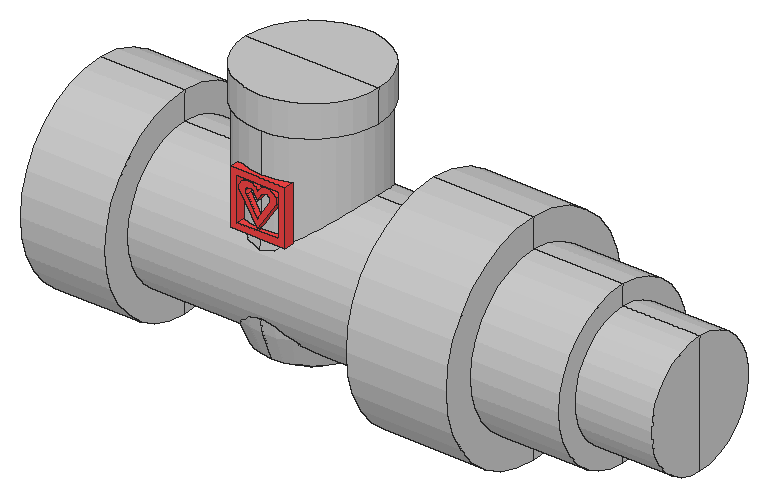
Revit family "Клапан запорный для отключения радиатора HERZ-RL-1, проходной 3723", category Rohrzubehör, Revit 2021
Family settings
  Bemaßung runder Anschluss = Durchmesser verwenden
  Teiletyp = Unterbricht
  OmniClass-Nummer = 23.65.55.14
  OmniClass-Titel = Valves for Liquid Services
  Arbeitsebenenbasiert = Nein
  Immer vertikal = Nein
  Beim Laden mit Abzugskörper schneiden = Nein
  Gemeinsam genutzt = Nein
Parameters
  Среда = "Качество воды в соответствии с ÖNORM H 5195 или директивой VDI 2035."
  Область применения = "Система водяного отопления. С помощью установки радиаторных запорных клапанов возможно осуществить перекрытие обратного потока нагревательных приборов. При одновременном перекрытии с клапаном на подающем трубопроводе возможен демонтаж радиатора в системе, которая находится под давлением. Промывку радиатора или ремонт помещения (оклеивание обоями, облицовку плиткой) можно проводить, не прерывая работу системы. Если требуется предварительная настройка клапанов для отключения радиаторов или заполнение и опорожнение радиаторов или системы при помощи данного клапана, рекомендуется установка клапана HERZ-RL-5."
  Номер заказа [instance] = size_lookup("3723_1_", "Artnr", 0, Nennweite)  # 1372342
  Макс. рабочее давление = 1000000.0 Pa  # constant formula
  Макс. рабочая температура = 120 °C  # constant formula
  Корпус = "Никелированная латунь"  # constant formula
  Исполнение = "Все модели поставляются в никелированном исполнении, это универсальные модели со специальной муфтой для резьбовой трубы и компрессионных фитингов."
  W01 = 60.00°  # constant formula
  Vorgabe-Ansicht = 0.000 mm
  URL = "www.herz-armaturen.ru"
  SCRNSEQ = "ARM;ARM_TYP=\"ALLF\";2"
  SCRNCODE = "05;01;02"  # constant formula
  S04 = 45.000 mm  # constant formula
  S03 = 61.000 mm  # constant formula
  S02 [instance] = L05 + L06 + L07  # 63.900 mm
  S01 = 10.000 mm  # constant formula
  R06 = 11.000 mm  # constant formula
  R05 = 25.000 mm  # constant formula
  R04 = 2.000 mm  # constant formula
  R03 = 28.000 mm  # constant formula
  R02 = 11.500 mm  # constant formula
  R01 = 10.500 mm  # constant formula
  Nennweite [instance] = 20.000 mm
  LO1 = 7.000 mm  # constant formula
  L07 [instance] = size_lookup("3723_1_", "L7", 1.000 mm, Nennweite)  # 27.400 mm
  L06 [instance] = size_lookup("3723_1_", "L6", 1.000 mm, Nennweite)  # 16.500 mm
  L05 [instance] = L02 - L04  # 20.000 mm
  L04 [instance] = size_lookup("3723_1_", "L4", 1.000 mm, Nennweite)  # 10.000 mm
  L03 [instance] = size_lookup("3723_1_", "L3", 1.000 mm, Nennweite)  # 14.000 mm
  L02 [instance] = size_lookup("3723_1_", "L2", 1.000 mm, Nennweite)  # 30.000 mm
  L01 [instance] = size_lookup("3723_1_", "L1", 1.000 mm, Nennweite)  # 35.000 mm
  Hersteller = "HERZ Armaturen Ges.m.b.H."  # constant formula
  H05 = 5.200 mm  # constant formula
  H04 = 3.500 mm  # constant formula
  H03 = 28.000 mm  # constant formula
  H02 [instance] = 25.500 mm  # constant formula
  H01 = 17.000 mm  # constant formula
  GTI [instance] = size_lookup("3723_1_", "GT1", 1.000 mm, Nennweite)  # 12.700 mm
  GT [instance] = size_lookup("3723_1_", "GT", 1.000 mm, Nennweite)  # 9.500 mm
  G2 [instance] = Nennweite / 2  # 10.000 mm
  G1 [instance] = Nennweite / 2  # 10.000 mm
  D05 [instance] = size_lookup("3723_1_", "D5", 1.000 mm, Nennweite)  # 13.220 mm
  D04 [instance] = size_lookup("3723_1_", "D4", 1.000 mm, Nennweite)  # 18.000 mm
  D03 [instance] = size_lookup("3723_1_", "D3", 1.000 mm, Nennweite)  # 13.000 mm
  D02 [instance] = size_lookup("3723_1_", "D2", 1.000 mm, Nennweite)  # 12.000 mm
  D01 [instance] = size_lookup("3723_1_", "D1", 1.000 mm, Nennweite)  # 16.500 mm
Reference planes
  plane 1 "Mitte (Vorne/hinten)": y = 0
  plane 2: z = 0
  plane 3 "Mitte (Links/rechts)": x = 0
Forms (mm)
  Revolve 1, solid, material "Messing, weicher Gelbton, geschweißt", detail levels fine
    sketch origin (0, 0, 0) x (1, 0, 0) y (0, 0, 1)
      loop
        line (-25.5, 0) -> (30, 0) -> (30, 13) -> (20, 13) -> (20, 12) -> (-21, 12) -> (-21, 16.5) -> (-35, 16.5) -> (-35, 10) -> (-25.5, 10) -> (-25.5, 0)
      axis (-35, 0) -> (30, 0)
    angle from 0 to 360
  Revolve 2, solid, material "Messing, weicher Gelbton, geschweißt", detail levels fine
    sketch origin (0, 0, 0) x (0, 1, 0) y (0, 0, 1)
      loop
        line (0, 25.5) -> (-10.5, 25.5) -> (-10.5, 7)
        arc (-10.5, 7) -> (-11.341, -2.816) -> (-8.325, -12.194) r 25
        line (-8.325, -12.194) -> (0, -17) -> (0, 25.5)
      axis (0, -17) -> (0, 25.5)
    angle from 0 to 360
  Revolve 3, solid, material "Messing, weicher Gelbton, geschweißt", detail levels fine
    sketch origin (0, 0, 0) x (1, 0, 0) y (0, 0, 1)
      loop
        line (30, 0) -> (63.9, 0) -> (63.9, 10) -> (51.2, 10) -> (51.2, 13.22) -> (36.5, 13.22) -> (36.5, 18) -> (20, 18) -> (20, 13) -> (30, 13) -> (30, 0)
      axis (20, 0) -> (63.9, 0)
    angle from 0 to 360
  Revolve 4, solid, material "Messing, weicher Gelbton, geschweißt", detail levels fine
    sketch origin (0, 0, 0) x (1, 0, 0) y (0, 0, 1)
      loop
        line (0, 22.8) -> (11, 22.8) -> (11, 28) -> (0, 28) -> (0, 22.8)
      axis (0, 28) -> (0, 22.8)
    angle from 0 to 360
Lines and regions (mm)
  model lines, detail levels coarse+medium
    curve 1: line (-35, 0, 16.5) -> (-35, 0, -16.5)
    curve 2: line (-35, 0, -16.5) -> (35, 0, 16.5)
    curve 3: line (35, 0, 16.5) -> (35, 0, -16.5)
    curve 4: line (35, 0, -16.5) -> (-35, 0, 16.5)
    curve 5: line (35, 0, 16.5) -> (45, 0, 16.5)
    curve 6: line (45, 0, 16.5) -> (35, 0, 0)
    curve 7: line (35, 0, -16.5) -> (45, 0, -16.5)
    curve 8: line (45, 0, -16.5) -> (35, 0, 0)
    curve 9: line (35, 0, 0) -> (63.9, 0, 0)
    curve 10: line (-35, 16.5, 0) -> (-35, -16.5, 0)
    curve 11: line (-35, -16.5, 0) -> (35, 16.5, 0)
    curve 12: line (35, 16.5, 0) -> (35, -16.5, 0)
    curve 13: line (35, -16.5, 0) -> (-35, 16.5, 0)
    curve 14: line (35, 16.5, 0) -> (45, 16.5, 0)
    curve 15: line (45, 16.5, 0) -> (35, 0, 0)
    curve 16: line (35, -16.5, 0) -> (45, -16.5, 0)
    curve 17: line (45, -16.5, 0) -> (35, 0, 0)
Dimensions and locks
  "L01": Revolve 1 sketch curve to plane 3 "Mitte (Links/rechts)"
  "L02": Revolve 1 sketch curve to plane 3 "Mitte (Links/rechts)"
  "G1": Revolve 1 sketch curve to plane 2
  "GT": Revolve 1 sketch curve to Revolve 1 sketch curve
  "D01": Revolve 1 sketch curve to Revolve 1 sketch curve
  "D02": Revolve 1 sketch curve to Revolve 1 sketch curve
  "D03": Revolve 1 sketch curve to Revolve 1 sketch curve
  "L03": Revolve 1 sketch curve to Revolve 1 sketch curve
  "L04": Revolve 1 sketch curve to Revolve 1 sketch curve
  "H01": plane 2 to Revolve 2 sketch curve
  "H02": Revolve 2 sketch curve to plane 2
  "R01": Revolve 2 sketch curve to plane 1 "Mitte (Vorne/hinten)"
  "R02": Revolve 2 sketch curve to plane 1 "Mitte (Vorne/hinten)"
  "D03": Revolve 3 sketch curve to plane 2
  "L04": Revolve 3 sketch curve to Revolve 3 sketch curve
  "L05": Revolve 3 sketch curve to plane 3 "Mitte (Links/rechts)"
  "L06": Revolve 3 sketch curve to Revolve 3 sketch curve
  "L07": Revolve 3 sketch curve to Revolve 3 sketch curve
  "D04": Revolve 3 sketch curve to Revolve 3 sketch curve
  "G2": Revolve 3 sketch curve to Revolve 3 sketch curve
  "D05": Revolve 3 sketch curve to Revolve 3 sketch curve
  "GTI": Revolve 3 sketch curve to Revolve 3 sketch curve
  "LO1": nested 1 to plane 2
  "D01": curve 4 to plane 2 to curve 2
  "D01": curve 3 to plane 2 to curve 4
  "L01": curve 1 to plane 3 "Mitte (Links/rechts)" to curve 3
  "S01": curve 3 to curve 6
  "S02": curve 9 to plane 3 "Mitte (Links/rechts)"
  "L01": curve 10 to plane 3 "Mitte (Links/rechts)" to curve 12
  "D01": curve 11 to plane 1 "Mitte (Vorne/hinten)" to curve 13
  "D01": curve 13 to plane 1 "Mitte (Vorne/hinten)" to curve 12
  "S01": curve 12 to curve 15
  "S01": curve 12 to curve 17
  "H03": Revolve 4 sketch curve to plane 2
  "H05": Revolve 4 sketch curve to Revolve 4 sketch curve
  "R06": Revolve 4 sketch curve to Revolve 4 sketch curve
  "R05": radius of Revolve 2 sketch curve
  "W01": angle Revolve 2 sketch curve to Revolve 2 sketch curve
  aligned and locked: level to plane 2
Automatic sketch dimensions
  curve 9 to level = 0.000 mm
  curve 3 to curve 8 = 10.000 mm
  plane 1 "Mitte (Vorne/hinten)" to curve 17 = 0.000 mm
  Revolve 1 sketch curve to level = 0.000 mm  (x2)
  Revolve 1 sketch curve to Revolve 1 sketch curve = 1436.530 mm
  Revolve 1 sketch curve to Revolve 1 sketch curve = 1779.148 mm
  Revolve 2 sketch curve to plane 1 "Mitte (Vorne/hinten)" = 0.000 mm  (x2)
  Revolve 2 sketch curve to level = 0.000 mm
  Revolve 2 sketch curve to Revolve 2 sketch curve = 98.333 mm
  Revolve 2 sketch curve to Revolve 2 sketch curve = 1236.335 mm
  Revolve 3 sketch curve to level = 0.000 mm  (x2)
  Revolve 3 sketch curve to plane 3 "Mitte (Links/rechts)" = 1506.530 mm
  Revolve 3 sketch curve to Revolve 3 sketch curve = 1789.648 mm
  Revolve 4 sketch curve to plane 3 "Mitte (Links/rechts)" = 0.000 mm  (x2)
  Revolve 4 sketch curve to level = 366.045 mm
  Revolve 4 sketch curve to Revolve 4 sketch curve = 2188.615 mm
Nested families
  nested 1: "Herz-Logo-vorne" at (0, -10.5, 11.5) x (0, 1, 0) z (0, 0, 1), type "Herz-Logo-vorne", detail levels fine
Connectors
  piping at (-25.5, 0, 0), diameter 20, driven by "Nennweite"
    settings: on Revolve 1, index 1, connector inside diameter 609.6 mm, connector length 0.000 mm, flow factor 0, pipe flow 0.0 L/s, pressure drop 0.0 Pa, fitting loss kfactor 0, connector angle 0.00°, fixture units 0, engagement length 0.000 mm, angle of deflection 0.00°, flow configuration 0, flow direction 1, fitting loss method 0, system type 8, joint type 0, gender type 0, connector reference index -1, connector utility 0, adjustable connector no, is connector primary yes, connector description ""
  piping at (63.9, 0, 0), diameter 20, driven by "Nennweite"
    settings: on Revolve 3, index 2, connector inside diameter 609.6 mm, connector length 0.000 mm, flow factor 0, pipe flow 0.0 L/s, pressure drop 0.0 Pa, fitting loss kfactor 0, connector angle 0.00°, fixture units 0, engagement length 0.000 mm, angle of deflection 0.00°, flow configuration 0, flow direction 2, fitting loss method 0, system type 8, joint type 0, gender type 0, connector reference index -1, connector utility 0, adjustable connector no, is connector primary no, connector description ""
Definition of nested family "Herz-Logo-vorne"
  Parameters (values of type "Herz-Logo-vorne")
    Default Elevation = 0.000 mm
  Reference planes
    plane 1 "Mitte (Vorne/hinten)": y = 0
    plane 2: z = 0
    plane 3 "Mitte (Links/rechts)": x = 0
  Forms (mm)
    Extrusion 1, solid
      sketch origin (0.732, -0.018, 0.017) x (0, -1, 0) y (0, 0, 1)
        loop
          line (-0.018, -4.517) -> (4.482, -4.517) -> (4.482, 4.483) -> (-4.518, 4.483) -> (-4.518, -4.517) -> (-0.018, -4.517)
        loop
          line (-0.05, -3.48) -> (3.482, -3.48) -> (3.482, 3.483) -> (-3.518, 3.483) -> (-3.518, -3.48) -> (-0.05, -3.48)
        loop
          arc (-0.018, 2.383) -> (-1.543, 3.287) -> (-3.067, 2.383) r 1.738
          arc (-3.067, 2.383) -> (-3.191, 1.899) -> (-3.067, 1.415) r 1.009
          line (-3.067, 1.415) -> (-0.018, -3.281) -> (3.032, 1.415)
          arc (3.032, 1.415) -> (3.156, 1.899) -> (3.032, 2.383) r 1.009
          arc (3.032, 2.383) -> (1.507, 3.287) -> (-0.018, 2.383) r 1.738
        loop
          arc (1.885, 1.272) -> (2.005, 1.675) -> (1.885, 2.079) r 0.74
          arc (1.885, 2.079) -> (1.265, 2.416) -> (0.644, 2.079) r 0.74
          line (0.644, 2.079) -> (-0.018, 0.97) -> (-0.679, 2.079)
          arc (-0.679, 2.079) -> (-1.3, 2.416) -> (-1.921, 2.079) r 0.74
          arc (-1.921, 2.079) -> (-2.04, 1.675) -> (-1.921, 1.272) r 0.74
          line (-1.921, 1.272) -> (-0.018, -1.658) -> (1.885, 1.272)
      from 0 to 1.5
  Dimensions and locks
    aligned and locked: level to plane 2
